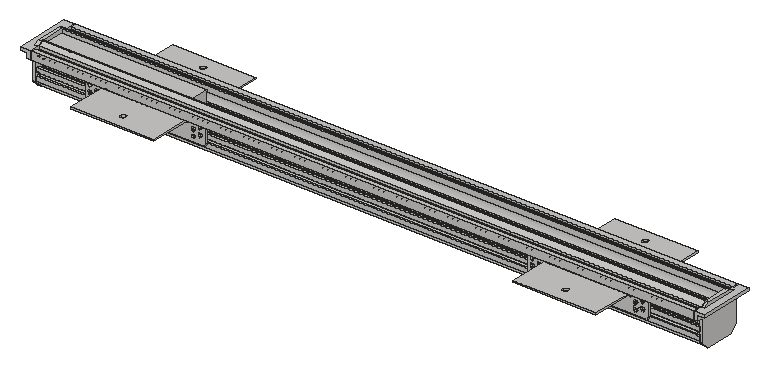
Revit family "Lighting - Luminii - Stenos - Trimless Deep Recessed Track Master Assembly", category Lighting Fixtures, host Face, Revit 2020
Family settings
  Host = Face
  Round Connector Dimension = Use Diameter
  Part Type = Normal
  OmniClass Number = 23.80.70.11.14.21
  OmniClass Title = Spots and Tracklight Specialties
  Cut with Voids When Loaded = No
  Light Source = No
  Shared = Yes
  Room Calculation Point = No
Parameters (values of type "Stenos Deep Trimless - 24"")
  Width = 1.98504"  # constant formula
  Wattage Comments = "96W Max on Track"  # constant formula
  Warranty URL = "https://www.luminii.com/terms-conditions/"
  Voltage Comments = "24 VDC"  # constant formula
  Voltage = 24 V  # constant formula
  Version = "2020 - v1.0a"  # constant formula
  URL = "https://www.luminii.com/"
  Support Phone = "224-699-9545"  # constant formula
  Support Email = "mailto:support@bimsmith.com"
  Right Power Module = no
  Right Cap [instance] = yes
  Product Page URL = "https://www.luminii.com/product/stenos-deep-recessed-trimless-track/"
  Power Source Type = "Driver"  # constant formula
  Power Factor = 1
  Phase = 1
  Orientation 2 [instance] = not(Orientation 1)  # no
  Orientation 1 [instance] = yes
  Number of Poles = if(and(or(Voltage = 120 V, Voltage = 277 V), Phase = 1), 1, if(and(or(Voltage = 208 V, Voltage = 240 V), Phase = 1), 2, if(and(or(Voltage = 208 V, Voltage = 240 V), Phase = 3), 3, if(and(Voltage > 300 V, Phase = 1), 2, if(and(Voltage > 400 V, Phase = 3), 3, 1)))))  # 1
  Model = "STD"  # constant formula
  Manufacturer Phone Number = "403-216-7043"  # constant formula
  Manufacturer Email = "mailto: info@sensolighting.com"
  Manufacturer Address = "302 50 Ave SE. Calgary, Alberta, T2G 2A9 Canada"  # constant formula
  Manufacturer = "Luminii"  # constant formula
  Load Classification = Lighting
  Length = if(Constraints = 1, 24.00", if(Constraints = 2, 48.00", if(Constraints = 3, 96.00", if(Constraints = 4, 144.00", 24.00"))))  # 24.00"
  Left Power Module [instance] = yes
  Left Cap [instance] = yes
  Lamp = "N/A"  # constant formula
  Keynote = "26 50 00"
  Hole Location Option = 1
  Hole Location Description [instance] = if(Orientation 1, (if(Hole Location Option = 1, "A", if(Hole Location Option = 2, "B", if(Hole Location Option = 3, "C", if(Hole Location Option = 4, "D", "Not Valid Configuration"))))), (if(Hole Location Option = 1, "E", if(Hole Location Option = 2, "F", if(Hole Location Option = 3, "G", if(Hole Location Option = 4, "H", "Not Valid Configuration"))))))  # "A"
  Frequency Comments = ""  # constant formula
  Frequency = 60 Hz
  Finish = Metal - Luminii - Silver Anodized Aluminum
  Environment = "Indoor"  # constant formula
  Drywall Thickness [instance] = if(Orientation 1, (if(Hole Location Option = 1, 3.00" / 8, if(Hole Location Option = 2, 1.00" / 2, if(Hole Location Option = 3, 5.00" / 8, 3.00" / 4)))), (if(Hole Location Option = 1, 3.00" / 4 + 0.1252", if(Hole Location Option = 2, 7.00" / 8 + 0.1252", if(Hole Location Option = 3, 1.00" + 0.1252", 1.1252" + 0.1252")))))  # 0.375"
  Description = "Recessed Micro Optic Track System"  # constant formula
  Depth = 1.44922"  # constant formula
  Default Elevation = 0.00"  # constant formula
  Current Amps = 50 A
  Copyright = "©2023 Luminii"  # constant formula
  Constraints = 1
  built-in parameter 1114216 [instance] = 0  # (empty or 0)
  built-in parameter 1140040 [instance] = 1 = 1  # 1
  C Right Cap Offset [instance] = if(Right Cap, 0.38", 0.00")  # 0.38"
  C Length Mid = Length / 2  # 12.00"
  C Left Cap Offset [instance] = if(Left Cap, 0.38", 0.00")  # 0.38"
  C End Cap Right [instance] = if(Right Cap, 1.00" / 8, 0.00")  # 0.125"
  C End Cap Left [instance] = if(Left Cap, 1.00" / 8, 0.00")  # 0.125"
  Assembly Comments [instance] = "Consult Manufacturer Website for more Information"  # constant formula
  Assembly Code = "D5020230"
  Apparent Load = 4 VA  # constant formula
Types (4): name | Length | Constraints | C Length Mid
  Stenos Deep Trimless - 24" | 24.00" | 1 | 12.00"
  Stenos Deep Trimless - 48" | 48.00" | 2 | 24.00"
  Stenos Deep Trimless - 96" | 96.00" | 3 | 48.00"
  Stenos Deep Trimless - 144" | 144.00" | 4 | 72.00"
Reference planes (in)
  plane 1 "Center (Front/Back)": y = 0
  plane 2: z = 0
  plane 3 "Center (Left/Right)": x = 0
  plane 4: x = -12
  plane 5: x = 12
  plane 6: y = 0.99252
  plane 7: y = -0.99252
  plane 8 "A": z = 0
  plane 9: x = -12.125
  plane 10: x = 12.125
  plane 11: z = 3.115
Forms (in)
  Extrusion 1, solid, material "Metal - Luminii - Silver Anodized Aluminum", not visible
    sketch origin (0, 0, 0) x (1, 0, 0) y (0, 1, 0)
      loop
        circle (0, 0) r 0.5
    from 0 to -0.17225
  Extrusion 2, void
    sketch origin (0, 0, 0) x (1, 0, 0) y (0, 1, 0)
      loop
        line (-12.38, 0.99252) -> (-12.38, -0.99252) -> (12.38, -0.99252) -> (12.38, 0.99252) -> (-12.38, 0.99252)
    from -1.352 to 0
Dimensions and locks (in)
  equal spacing: plane 4, plane 3 "Center (Left/Right)", plane 5
  equal spacing: plane 6, plane 1 "Center (Front/Back)", plane 7
  "Width": plane 6 to plane 7
  "C End Cap Right": plane 5 to plane 10
  "C End Cap Left": plane 9 to plane 4
  "C Length Mid": plane 4 to plane 3 "Center (Left/Right)"
  "C Length Mid": plane 3 "Center (Left/Right)" to plane 5
  "C Right Cap Offset": nested 1 to Extrusion 2 sketch curve
  "C Left Cap Offset": Extrusion 2 sketch curve to plane 4
  locked: host face to Extrusion 2 at 1.352
  aligned and locked: host face to plane 2
  aligned and locked: plane 3 "Center (Left/Right)" to Extrusion 1 sketch curve
  aligned and locked: plane 1 "Center (Front/Back)" to Extrusion 1 sketch curve
  aligned and locked: plane 2 to Extrusion 1  (x2)
  aligned and locked: nested 1 to plane 4
  aligned and locked: plane 1 "Center (Front/Back)" to nested 1
  aligned and locked: plane 4 to nested 2
  aligned and locked: plane 1 "Center (Front/Back)" to nested 2
  aligned and locked: plane 5 to nested 3
  aligned and locked: plane 1 "Center (Front/Back)" to nested 3
  aligned and locked: Extrusion 2 sketch curve to plane 6
  aligned and locked: plane 7 to Extrusion 2 sketch curve
  aligned and locked: level to Extrusion 2
Automatic sketch dimensions
  host sketch curve to host sketch curve = 193.24349"
  host sketch curve to host sketch curve = 99.00"
  radius of Extrusion 1 sketch curve = 0.50"
Nested families (in)
  nested 1: "Nested - Track" at (0, 0, 0), type "Nested - Track"
  nested 2: "Nested - Stopper" at (-9.35827, 0, 0), visible <- "Left Power Module", type "Nested - Stopper"
  nested 3: "Nested - Stopper" at (9.35827, 0, 0), visible <- "Right Power Module", type "Nested - Stopper"
Connectors (in)
  electrical at (0, 0, 0), driven by "Number of Poles", driven by "Load Classification", driven by "Voltage", driven by "Apparent Load", driven by "Power Factor"
    settings: on Extrusion 1, index 1, voltage 24 V, apparent load 4 VA, apparent load phase1 0 VA, apparent load phase2 0 VA, apparent load phase3 0 VA, power factor 1, load classification "Lighting", number of poles 1, system type 30, power factor state 1, is connector primary yes, connector utility no, sub classification motor no, connector description "Power Connection"
Definition of nested family "Nested - Track"
  Parameters (values of type "Nested - Track")
    Support Count = (roundup((Length - 8.00") / 18.00") + 1)  # 2
    Right Cap = yes
    Orientation 2 = not(Orientation 1)  # no
    Orientation 1 = yes
    Length = 24.00"
    Left Cap = yes
    Hole Location Option = 1
    Finish = none
    Drywall Thickness = if(Orientation 1, (if(Hole Location Option = 1, 3.00" / 8, if(Hole Location Option = 2, 1.00" / 2, if(Hole Location Option = 3, 5.00" / 8, 3.00" / 4)))), (if(Hole Location Option = 1, 3.00" / 4 + 0.125", if(Hole Location Option = 2, 7.00" / 8 + 0.125", if(Hole Location Option = 3, 1.00" + 0.125", 1.125" + 0.125")))))  # 0.375"
    Default Elevation = 48.00"
  Reference planes (in)
    plane 1 "Center (Front/Back)": y = 0
    plane 2: z = 0
    plane 3 "Center (Left/Right)": x = 0
    plane 4: x = -12
    plane 5: x = 12
    plane 6: x = 12.125
    plane 7: x = -12.125
    plane 8 "A": z = -0.375
    plane 9: x = -8
    plane 10: x = 8
  Forms (in)
    Extrusion 1, solid
      sketch origin (0, 0, 0) x (1, 0, 0) y (0, 1, 0)
        loop
          line (-48, 48) -> (-48, -48) -> (48, -48) -> (48, 48) -> (-48, 48)
      from 0 to -12
    Sweep 2, solid, material <- "Finish"
      path origin (0, 0, 0) x (1, 0, 0) y (0, 1, 0)
        loop
          line (-12, 0) -> (12, 0)
      profile origin (0, 0, 0) x (0, 1, 0) y (0, 0, 1)
        loop
          line (0.4275, 0.1) -> (0.4275, -0.11308)
          arc (0.4275, -0.11308) -> (0.40887, -0.24182) -> (0.3545, -0.36) r 0.4541
          line (0.3545, -0.36) -> (0.4195, -0.36) -> (0.4195, -0.46) -> (0.3545, -0.46)
          arc (0.3545, -0.46) -> (0.36445, -0.52636) -> (0.35644, -0.59297) r 0.2506
          arc (0.35644, -0.59297) -> (0.34304, -0.62502) -> (0.35375, -0.65805) r 0.05
          arc (0.35375, -0.65805) -> (0.36416, -0.68325) -> (0.35982, -0.71016) r 0.05
          line (0.35982, -0.71016) -> (0.3385, -0.75587) -> (0.3385, -0.828) -> (0.3935, -0.828) -> (0.3935, -0.938) -> (0.2575, -0.938) -> (0.2575, -0.98918) -> (0.33858, -0.98918) -> (0.33858, -1.06005) -> (-0.33858, -1.06005) -> (-0.33858, -0.98918) -> (-0.2575, -0.98918) -> (-0.2575, -0.938) -> (-0.3935, -0.938) -> (-0.3935, -0.828) -> (-0.3385, -0.828) -> (-0.3385, -0.75587) -> (-0.35982, -0.71016)
          arc (-0.35982, -0.71016) -> (-0.36416, -0.68325) -> (-0.35375, -0.65805) r 0.05
          arc (-0.35375, -0.65805) -> (-0.34304, -0.62502) -> (-0.35644, -0.59297) r 0.05
          arc (-0.35644, -0.59297) -> (-0.36445, -0.52636) -> (-0.3545, -0.46) r 0.2506
          line (-0.3545, -0.46) -> (-0.4195, -0.46) -> (-0.4195, -0.36) -> (-0.3545, -0.36)
          arc (-0.3545, -0.36) -> (-0.40887, -0.24182) -> (-0.4275, -0.11308) r 0.4541
          line (-0.4275, -0.11308) -> (-0.4275, 0.1) -> (-0.46235, 0.1) -> (-0.645, 0) -> (-0.645, -0.07) -> (-0.5375, -0.07) -> (-0.5375, -0.205) -> (-0.9225, -0.205) -> (-0.9225, -0.07) -> (-0.815, -0.07) -> (-0.815, 0) -> (-0.9925, 0) -> (-0.9925, -0.275) -> (-0.7433, -0.275)
          arc (-0.7433, -0.275) -> (-0.7094, -0.29041) -> (-0.69872, -0.32608) r 0.045
          arc (-0.69872, -0.32608) -> (-0.6992, -0.35992) -> (-0.69156, -0.39288) r 0.14
          line (-0.69156, -0.39288) -> (-0.63051, -0.37066)
          arc (-0.63051, -0.37066) -> (-0.50694, -0.29194) -> (-0.58566, -0.41551) r 0.07504
          line (-0.58566, -0.41551) -> (-0.60788, -0.47656)
          arc (-0.60788, -0.47656) -> (-0.5682, -0.48476) -> (-0.52784, -0.48126) r 0.14
          arc (-0.52784, -0.48126) -> (-0.48957, -0.48977) -> (-0.4725, -0.52505) r 0.045
          line (-0.4725, -0.52505) -> (-0.4725, -0.712) -> (-0.6725, -0.712) -> (-0.6725, -0.612) -> (-0.7425, -0.612) -> (-0.7425, -0.77975)
          arc (-0.7425, -0.77975) -> (-0.72782, -0.78945) -> (-0.71188, -0.782) r 0.018
          line (-0.71188, -0.782) -> (-0.5105, -0.792) -> (-0.5105, -0.897) -> (-0.71188, -0.907)
          arc (-0.71188, -0.907) -> (-0.72782, -0.89955) -> (-0.7425, -0.90925) r 0.018
          line (-0.7425, -0.90925) -> (-0.7425, -1.077) -> (-0.6725, -1.077) -> (-0.6725, -0.977) -> (-0.4725, -0.977) -> (-0.4725, -1.352) -> (-0.31126, -1.352) -> (-0.2925, -1.282) -> (-0.3925, -1.282) -> (-0.3925, -1.147) -> (0.3925, -1.147) -> (0.3925, -1.282) -> (0.2925, -1.282) -> (0.31126, -1.352) -> (0.4725, -1.352) -> (0.4725, -0.977) -> (0.6725, -0.977) -> (0.6725, -1.077) -> (0.7425, -1.077) -> (0.7425, -0.90925)
          arc (0.7425, -0.90925) -> (0.72782, -0.89955) -> (0.71188, -0.907) r 0.018
          line (0.71188, -0.907) -> (0.5105, -0.897) -> (0.5105, -0.792) -> (0.71188, -0.782)
          arc (0.71188, -0.782) -> (0.72782, -0.78945) -> (0.7425, -0.77975) r 0.018
          line (0.7425, -0.77975) -> (0.7425, -0.612) -> (0.6725, -0.612) -> (0.6725, -0.712) -> (0.4725, -0.712) -> (0.4725, -0.52505)
          arc (0.4725, -0.52505) -> (0.48957, -0.48977) -> (0.52784, -0.48126) r 0.045
          arc (0.52784, -0.48126) -> (0.5682, -0.48476) -> (0.60788, -0.47656) r 0.14
          line (0.60788, -0.47656) -> (0.58566, -0.41551)
          arc (0.58566, -0.41551) -> (0.50694, -0.29194) -> (0.63051, -0.37066) r 0.07504
          line (0.63051, -0.37066) -> (0.69156, -0.39288)
          arc (0.69156, -0.39288) -> (0.6992, -0.35992) -> (0.69872, -0.32608) r 0.14
          arc (0.69872, -0.32608) -> (0.7094, -0.29041) -> (0.7433, -0.275) r 0.045
          line (0.7433, -0.275) -> (0.9925, -0.275) -> (0.9925, 0) -> (0.815, 0) -> (0.815, -0.07) -> (0.9225, -0.07) -> (0.9225, -0.205) -> (0.5375, -0.205) -> (0.5375, -0.07) -> (0.645, -0.07) -> (0.645, 0) -> (0.46235, 0.1) -> (0.4275, 0.1)
    Sweep 3, solid, material <- "Finish", visible <- "Right Cap"
      path origin (28, 0, 0) x (1, 0, 0) y (0, 1, 0)
        loop
          line (-16, 0) -> (-15.875, 0)
      profile origin (12.0625, 0, 0) x (0, 1, 0) y (0, 0, 1)
        loop
          line (0.46235, 0.1) -> (-0.46235, 0.1) -> (-0.645, 0) -> (-0.9925, 0) -> (-0.9925, -0.275) -> (-0.80776, -0.275)
          arc (-0.80776, -0.275) -> (-0.76161, -0.29411) -> (-0.7425, -0.34026) r 0.06526
          line (-0.7425, -0.34026) -> (-0.7425, -1.122) -> (-0.5125, -1.352) -> (0.5125, -1.352) -> (0.7425, -1.122) -> (0.7425, -0.34026)
          arc (0.7425, -0.34026) -> (0.76161, -0.29411) -> (0.80776, -0.275) r 0.06526
          line (0.80776, -0.275) -> (0.9925, -0.275) -> (0.9925, 0) -> (0.645, 0) -> (0.46235, 0.1)
    Extrusion 4, solid, material <- "Finish", visible <- "Right Cap"
      sketch origin (0, 0, 0) x (1, 0, 0) y (0, 1, 0)
        loop
          line (12.375, 0.9925) -> (12.125, 0.9925) -> (12.125, -0.9925) -> (12.375, -0.9925) -> (12.375, 0.9925)
      from 0 to -0.1
    Sweep 5, solid, material <- "Finish", visible <- "Left Cap"
      path origin (-28, 0, 0) x (-1, 0, 0) y (0, 1, 0)
        loop
          line (-16, 0) -> (-15.875, 0)
      profile origin (-12.0625, 0, 0) x (0, -1, 0) y (0, 0, 1)
        loop
          line (-0.46235, 0.1) -> (-0.645, 0) -> (-0.9925, 0) -> (-0.9925, -0.275) -> (-0.80776, -0.275)
          arc (-0.80776, -0.275) -> (-0.76161, -0.29411) -> (-0.7425, -0.34026) r 0.06526
          line (-0.7425, -0.34026) -> (-0.7425, -1.122) -> (-0.5125, -1.352) -> (0.5125, -1.352) -> (0.7425, -1.122) -> (0.7425, -0.34026)
          arc (0.7425, -0.34026) -> (0.76161, -0.29411) -> (0.80776, -0.275) r 0.06526
          line (0.80776, -0.275) -> (0.9925, -0.275) -> (0.9925, 0) -> (0.645, 0) -> (0.46235, 0.1) -> (-0.46235, 0.1)
    Extrusion 6, solid, material <- "Finish", visible <- "Left Cap"
      sketch origin (0, 0, 0) x (-1, 0, 0) y (0, -1, 0)
        loop
          line (12.375, -0.9925) -> (12.375, 0.9925) -> (12.125, 0.9925) -> (12.125, -0.9925) -> (12.375, -0.9925)
      from 0 to -0.1
  Cuts and joins
    joined: Sweep 3, Extrusion 4
    joined: Sweep 5, Extrusion 6
  Dimensions and locks (in)
    equal spacing: plane 4, plane 3 "Center (Left/Right)", plane 5
    "Length": plane 4 to plane 5
    locked: plane 7 to plane 4 at 0.125
    locked: plane 5 to plane 6 at 0.125
    locked: plane 6 to cut or joined group of Sweep 3, Extrusion 4 at 0.25
    locked: Extrusion 6 to plane 7 at 0.25
    "Drywall Thickness": plane 2 to plane 8 "A"
    locked: plane 10 to plane 5 at 4
    locked: plane 4 to plane 9 at 4
    group 1 to group 2 = 16.00"
    group 1 to group 2 = 0.00"  (x2)
    aligned and locked: plane 2 to Extrusion 1
    aligned and locked: level to Extrusion 1
    aligned and locked: plane 4 to Sweep 2 sketch curve
    aligned and locked: plane 1 "Center (Front/Back)" to Sweep 2 sketch curve
    aligned and locked: plane 5 to Sweep 2 sketch curve
    aligned and locked: plane 1 "Center (Front/Back)" to Sweep 3 sketch curve
    aligned and locked: plane 6 to Sweep 3 sketch curve
    aligned and locked: plane 5 to Sweep 3 sketch curve
    aligned and locked: plane 7 to Sweep 5 sketch curve
    aligned and locked: plane 4 to Sweep 5 sketch curve
    aligned and locked: Sweep 5 sketch curve to plane 1 "Center (Front/Back)"
    aligned and locked: Extrusion 6 to plane 7
    aligned and locked: cut or joined group of Sweep 3, Extrusion 4 to plane 6
    aligned and locked: plane 1 "Center (Front/Back)" to nested 1
    aligned and locked: plane 9 to nested 1
    aligned and locked: plane 1 "Center (Front/Back)" to nested 2
    aligned and locked: plane 10 to nested 2
  Automatic sketch dimensions
    Extrusion 1 sketch curve to Extrusion 1 sketch curve = 96.00"  (x2)
    Extrusion 4 sketch curve to plane 6 = 0.00"
    plane 6 to Extrusion 4 sketch curve = 0.25"
    plane 1 "Center (Front/Back)" to Extrusion 4 sketch curve = 0.9925"
    Extrusion 4 sketch curve to plane 1 "Center (Front/Back)" = 0.9925"
    Extrusion 6 sketch curve to plane 7 = 0.00"
    Extrusion 6 sketch curve to plane 7 = 0.25"
    Extrusion 6 sketch curve to plane 1 "Center (Front/Back)" = 0.9925"
    plane 1 "Center (Front/Back)" to Extrusion 6 sketch curve = 0.9925"
    Sweep 2 sketch curve to Sweep 2 sketch curve = 0.00"  (x11)
    Sweep 2 sketch curve to level = 0.00"  (x4)
    profile plane to Sweep 2 sketch curve = 0.9925"
    Sweep 2 sketch curve to Sweep 2 sketch curve = 0.07"  (x9)
    Sweep 2 sketch curve to Sweep 2 sketch curve = 0.1075"  (x4)
    Sweep 2 sketch curve to Sweep 2 sketch curve = 0.1792"
    profile plane to Sweep 2 sketch curve = 0.7425"
    Sweep 2 sketch curve to Sweep 2 sketch curve = 0.0008"
    Sweep 2 sketch curve to Sweep 2 sketch curve = 0.016"  (x3)
    Sweep 2 sketch curve to Sweep 2 sketch curve = 0.01462"  (x4)
    Sweep 2 sketch curve to Sweep 2 sketch curve = 0.05175"  (x2)
    Sweep 2 sketch curve to Sweep 2 sketch curve = 0.03938"  (x3)
    Sweep 2 sketch curve to Sweep 2 sketch curve = 0.17"  (x2)
    Sweep 2 sketch curve to Sweep 2 sketch curve = 0.06105"  (x3)
    Sweep 2 sketch curve to Sweep 2 sketch curve = 0.02263"  (x2)
    Sweep 2 sketch curve to Sweep 2 sketch curve = 0.04485"  (x3)
    Sweep 2 sketch curve to Sweep 2 sketch curve = 0.02566"  (x2)
    Sweep 2 sketch curve to Sweep 2 sketch curve = 0.09038"
    Sweep 2 sketch curve to Sweep 2 sketch curve = 0.162"  (x2)
    Sweep 2 sketch curve to Sweep 2 sketch curve = 0.038"  (x2)
    Sweep 2 sketch curve to Sweep 2 sketch curve = 0.045"  (x3)
    level to Sweep 2 sketch curve = 0.10"  (x2)
    Sweep 2 sketch curve to Sweep 2 sketch curve = 0.07515"
    Sweep 2 sketch curve to Sweep 2 sketch curve = 0.03485"  (x2)
    Sweep 2 sketch curve to Sweep 2 sketch curve = 0.053"  (x2)
    Sweep 2 sketch curve to Sweep 2 sketch curve = 0.079"  (x2)
    Sweep 2 sketch curve to Sweep 2 sketch curve = 0.0795"
    Sweep 2 sketch curve to Sweep 2 sketch curve = 0.08"  (x3)
    Sweep 2 sketch curve to Sweep 2 sketch curve = 0.03318"  (x2)
    Sweep 2 sketch curve to Sweep 2 sketch curve = 0.065"  (x3)
    Sweep 2 sketch curve to Sweep 2 sketch curve = 0.05392"
    Sweep 2 sketch curve to Sweep 2 sketch curve = 0.055"  (x2)
    Sweep 2 sketch curve to Sweep 2 sketch curve = 0.04532"  (x2)
    Sweep 2 sketch curve to Sweep 2 sketch curve = 0.08124"
    Sweep 2 sketch curve to Sweep 2 sketch curve = 0.01876"  (x2)
    Sweep 2 sketch curve to Sweep 2 sketch curve = 0.08108"  (x2)
    profile plane to Sweep 2 sketch curve = 0.11387"
    profile plane to Sweep 2 sketch curve = 0.0266"
    Sweep 2 sketch curve to profile plane = 0.0266"
    Sweep 2 sketch curve to profile plane = 0.11387"
    Sweep 2 sketch curve to profile plane = 0.2575"
    Sweep 2 sketch curve to profile plane = 0.2925"
    Sweep 2 sketch curve to Sweep 2 sketch curve = 0.057"
    Sweep 2 sketch curve to Sweep 2 sketch curve = 0.024"
    Sweep 2 sketch curve to Sweep 2 sketch curve = 0.24063"
    Sweep 2 sketch curve to Sweep 2 sketch curve = 0.10"  (x5)
    Sweep 2 sketch curve to level = 0.11308"
    Sweep 2 sketch curve to Sweep 2 sketch curve = 0.008"
    Sweep 2 sketch curve to Sweep 2 sketch curve = 0.11"  (x3)
    Sweep 2 sketch curve to Sweep 2 sketch curve = 0.1405"
    Sweep 2 sketch curve to Sweep 2 sketch curve = 0.02222"
    Sweep 2 sketch curve to Sweep 2 sketch curve = 0.20"
    Sweep 2 sketch curve to level = 0.39288"
    Sweep 2 sketch curve to Sweep 2 sketch curve = 0.10589"
    Sweep 2 sketch curve to level = 0.07"  (x4)
    Sweep 2 sketch curve to Sweep 2 sketch curve = 0.04449"
    Sweep 2 sketch curve to Sweep 2 sketch curve = 0.08367"
    Sweep 2 sketch curve to Sweep 2 sketch curve = 0.0485"
    Sweep 2 sketch curve to Sweep 2 sketch curve = 0.06505"
    Sweep 2 sketch curve to Sweep 2 sketch curve = 0.07001"
    Sweep 2 sketch curve to Sweep 2 sketch curve = 0.13544"  (x2)
    Sweep 2 sketch curve to Sweep 2 sketch curve = 0.10203"  (x2)
    Sweep 2 sketch curve to Sweep 2 sketch curve = 0.06195"  (x2)
    Sweep 2 sketch curve to Sweep 2 sketch curve = 0.02113"  (x2)
    Sweep 2 sketch curve to Sweep 2 sketch curve = 0.00184"  (x2)
    Sweep 2 sketch curve to Sweep 2 sketch curve = 0.04571"  (x2)
    Sweep 2 sketch curve to Sweep 2 sketch curve = 0.0595"  (x2)
    Sweep 2 sketch curve to Sweep 2 sketch curve = 0.00825"  (x2)
    Sweep 2 sketch curve to Sweep 2 sketch curve = 0.07213"  (x2)
    Sweep 2 sketch curve to Sweep 2 sketch curve = 0.105"  (x2)
    Sweep 2 sketch curve to Sweep 2 sketch curve = 0.125"  (x2)
    Sweep 2 sketch curve to Sweep 2 sketch curve = 0.00225"  (x2)
    Sweep 2 sketch curve to Sweep 2 sketch curve = 0.05118"  (x2)
    Sweep 2 sketch curve to Sweep 2 sketch curve = 0.07087"  (x2)
    Sweep 2 sketch curve to Sweep 2 sketch curve = 0.135"  (x2)
    Sweep 2 sketch curve to Sweep 2 sketch curve = 0.07051"
    Sweep 2 sketch curve to Sweep 2 sketch curve = 0.07288"  (x2)
    Sweep 2 sketch curve to Sweep 2 sketch curve = 0.205"
    Sweep 2 sketch curve to Sweep 2 sketch curve = 0.14"
    Sweep 2 sketch curve to Sweep 2 sketch curve = 0.03656"
    Sweep 2 sketch curve to level = 0.37066"
    Sweep 2 sketch curve to Sweep 2 sketch curve = 0.15782"
    Sweep 5 sketch curve to level = 0.00"  (x2)
    Sweep 5 sketch curve to level = 0.275"
    profile plane to Sweep 5 sketch curve = 0.9925"
    Sweep 5 sketch curve to Sweep 5 sketch curve = 0.18474"  (x2)
    profile plane to Sweep 5 sketch curve = 0.7425"
    Sweep 5 sketch curve to Sweep 5 sketch curve = 0.16276"
    Sweep 5 sketch curve to Sweep 5 sketch curve = 0.23"  (x3)
    level to Sweep 5 sketch curve = 0.10"
    Sweep 5 sketch curve to Sweep 5 sketch curve = 0.18265"  (x2)
    Sweep 5 sketch curve to profile plane = 0.5125"
    Sweep 5 sketch curve to profile plane = 0.645"
    Sweep 5 sketch curve to Sweep 5 sketch curve = 0.06526"
    Sweep 5 sketch curve to level = 0.34026"
    Sweep 5 sketch curve to Sweep 5 sketch curve = 0.78174"  (x2)
    Sweep 3 sketch curve to level = 0.00"  (x2)
    Sweep 3 sketch curve to level = 0.275"
    profile plane to Sweep 3 sketch curve = 0.9925"
    Sweep 3 sketch curve to Sweep 3 sketch curve = 0.18474"  (x2)
    profile plane to Sweep 3 sketch curve = 0.7425"
    Sweep 3 sketch curve to Sweep 3 sketch curve = 0.16276"
    Sweep 3 sketch curve to Sweep 3 sketch curve = 0.23"  (x2)
    level to Sweep 3 sketch curve = 0.10"
    Sweep 3 sketch curve to Sweep 3 sketch curve = 0.18265"  (x2)
    Sweep 3 sketch curve to profile plane = 0.46235"
    Sweep 3 sketch curve to profile plane = 0.5125"
    Sweep 3 sketch curve to Sweep 3 sketch curve = 0.0975"
    Sweep 3 sketch curve to Sweep 3 sketch curve = 0.06526"
    Sweep 3 sketch curve to level = 1.122"
    Sweep 3 sketch curve to Sweep 3 sketch curve = 0.78174"
    Sweep 3 sketch curve to level = 0.34026"
  Nested families (in)
    nested 1: "Nested - Support" at (-8, 0, -0.375), type "Default"
      with Orientation 2 yes, Orientation 1 no
    nested 2: "Nested - Support" at (8, 0, -0.375), type "Default"
      with Orientation 2 yes, Orientation 1 no
  Definition of nested family "Nested - Support"
    Parameters (values of type "Family3")
      Orientation 2 = no
      Orientation 1 = not(Orientation 2)  # yes
      Material = none
      Default Elevation = 48.00"
    Reference planes (in)
      plane 1 "Center (Front/Back)": y = 0
      plane 2: z = 0
      plane 3 "Center (Left/Right)": x = 0
    Forms (in)
      Extrusion 1, solid
        sketch origin (0, 0, 0) x (1, 0, 0) y (0, 1, 0)
          loop
            line (-48, 48) -> (-48, -48) -> (48, -48) -> (48, 48) -> (-48, 48)
        from 0 to -12
      Extrusion 2, solid, material <- "Material", visible <- "Orientation 2"
        sketch origin (0, 0, -0.04724) x (1, 0, 0) y (0, 0, 1)
          loop
            line (-1.56, -0.04724) -> (-1.56, 0.03474)
            arc (-1.56, 0.03474) -> (-1.58929, 0.10545) -> (-1.66, 0.13474) r 0.1
            line (-1.66, 0.13474) -> (-2.085, 0.13474)
            arc (-2.085, 0.13474) -> (-2.15571, 0.10545) -> (-2.185, 0.03474) r 0.1
            line (-2.185, 0.03474) -> (-2.185, -0.50276)
            arc (-2.185, -0.50276) -> (-2.15571, -0.57347) -> (-2.085, -0.60276) r 0.1
            line (-2.085, -0.60276) -> (-1.5, -0.60276) -> (-1.5, -0.04724) -> (-1.56, -0.04724)
          loop
            line (1.56, -0.04724) -> (1.5, -0.04724) -> (1.5, -0.60276) -> (2.085, -0.60276)
            arc (2.085, -0.60276) -> (2.15571, -0.57347) -> (2.185, -0.50276) r 0.1
            line (2.185, -0.50276) -> (2.185, 0.03474)
            arc (2.185, 0.03474) -> (2.15571, 0.10545) -> (2.085, 0.13474) r 0.1
            line (2.085, 0.13474) -> (1.66, 0.13474)
            arc (1.66, 0.13474) -> (1.58929, 0.10545) -> (1.56, 0.03474) r 0.1
            line (1.56, 0.03474) -> (1.56, -0.04724)
          loop
            circle (-1.99748, -0.04656) r 0.07961
          loop
            circle (-1.99748, -0.29656) r 0.07961
          loop
            circle (-1.74741, -0.17145) r 0.07961
          loop
            circle (-1.74741, -0.42145) r 0.07961
          loop
            circle (1.99748, -0.04656) r 0.07961
          loop
            circle (1.99748, -0.29656) r 0.07961
          loop
            circle (1.74741, -0.17145) r 0.07961
          loop
            circle (1.74741, -0.42145) r 0.07961
        from 0.7425 to 0.78974
      Extrusion 3, solid, material <- "Material", visible <- "Orientation 2"
        sketch origin (0, 0, -0.04724) x (0, 1, 0) y (0, 0, 1)
          loop
            line (-2.295, 0.04724) -> (-2.295, 0) -> (-0.83699, 0)
            arc (-0.83699, 0) -> (-0.80358, -0.01384) -> (-0.78974, -0.04724) r 0.04724
            line (-0.78974, -0.04724) -> (-0.78974, -0.60276) -> (-0.7425, -0.60276) -> (-0.7425, -0.04724)
            arc (-0.7425, -0.04724) -> (-0.77017, 0.01957) -> (-0.83699, 0.04724) r 0.09449
            line (-0.83699, 0.04724) -> (-2.295, 0.04724)
        from -1.5 to 1.5
      Extrusion 4, void
        sketch origin (0, 0, 0) x (1, 0, 0) y (0, 1, 0)
          loop
            circle (0, 1.79502) r 0.10061
          loop
            circle (0, -1.79502) r 0.10061
        from -2.13279 to 2.10119
      Extrusion 5, solid, material <- "Material", visible <- "Orientation 2"
        sketch origin (0, 0, -0.04724) x (1, 0, 0) y (0, 0, -1)
          loop
            line (-1.56, 0.04724) -> (-1.5, 0.04724) -> (-1.5, 0.60276) -> (-2.085, 0.60276)
            arc (-2.085, 0.60276) -> (-2.15571, 0.57347) -> (-2.185, 0.50276) r 0.1
            line (-2.185, 0.50276) -> (-2.185, -0.03474)
            arc (-2.185, -0.03474) -> (-2.15571, -0.10545) -> (-2.085, -0.13474) r 0.1
            line (-2.085, -0.13474) -> (-1.66, -0.13474)
            arc (-1.66, -0.13474) -> (-1.58929, -0.10545) -> (-1.56, -0.03474) r 0.1
            line (-1.56, -0.03474) -> (-1.56, 0.04724)
          loop
            line (1.56, 0.04724) -> (1.56, -0.03474)
            arc (1.56, -0.03474) -> (1.58929, -0.10545) -> (1.66, -0.13474) r 0.1
            line (1.66, -0.13474) -> (2.085, -0.13474)
            arc (2.085, -0.13474) -> (2.15571, -0.10545) -> (2.185, -0.03474) r 0.1
            line (2.185, -0.03474) -> (2.185, 0.50276)
            arc (2.185, 0.50276) -> (2.15571, 0.57347) -> (2.085, 0.60276) r 0.1
            line (2.085, 0.60276) -> (1.5, 0.60276) -> (1.5, 0.04724) -> (1.56, 0.04724)
          loop
            circle (-1.99748, 0.04656) r 0.07961
          loop
            circle (-1.99748, 0.29656) r 0.07961
          loop
            circle (-1.74741, 0.17145) r 0.07961
          loop
            circle (-1.74741, 0.42145) r 0.07961
          loop
            circle (1.99748, 0.04656) r 0.07961
          loop
            circle (1.99748, 0.29656) r 0.07961
          loop
            circle (1.74741, 0.17145) r 0.07961
          loop
            circle (1.74741, 0.42145) r 0.07961
        from 0.7425 to 0.78974
      Extrusion 6, solid, material <- "Material", visible <- "Orientation 2"
        sketch origin (0, 0, -0.04724) x (0, -1, 0) y (0, 0, -1)
          loop
            line (-2.295, -0.04724) -> (-0.83699, -0.04724)
            arc (-0.83699, -0.04724) -> (-0.77017, -0.01957) -> (-0.7425, 0.04724) r 0.09449
            line (-0.7425, 0.04724) -> (-0.7425, 0.60276) -> (-0.78974, 0.60276) -> (-0.78974, 0.04724)
            arc (-0.78974, 0.04724) -> (-0.80358, 0.01384) -> (-0.83699, 0) r 0.04724
            line (-0.83699, 0) -> (-2.295, 0) -> (-2.295, -0.04724)
        from -1.5 to 1.5
      Extrusion 7, solid, material <- "Material", visible <- "Orientation 1"
        sketch origin (0, 0, 0) x (1, 0, 0) y (0, 0, 1)
          loop
            line (-1.56, 0.04724) -> (-1.5, 0.04724) -> (-1.5, 0.60276) -> (-2.085, 0.60276)
            arc (-2.085, 0.60276) -> (-2.15571, 0.57347) -> (-2.185, 0.50276) r 0.1
            line (-2.185, 0.50276) -> (-2.185, -0.03474)
            arc (-2.185, -0.03474) -> (-2.15571, -0.10545) -> (-2.085, -0.13474) r 0.1
            line (-2.085, -0.13474) -> (-1.66, -0.13474)
            arc (-1.66, -0.13474) -> (-1.58929, -0.10545) -> (-1.56, -0.03474) r 0.1
            line (-1.56, -0.03474) -> (-1.56, 0.04724)
          loop
            line (1.56, 0.04724) -> (1.56, -0.03474)
            arc (1.56, -0.03474) -> (1.58929, -0.10545) -> (1.66, -0.13474) r 0.1
            line (1.66, -0.13474) -> (2.085, -0.13474)
            arc (2.085, -0.13474) -> (2.15571, -0.10545) -> (2.185, -0.03474) r 0.1
            line (2.185, -0.03474) -> (2.185, 0.50276)
            arc (2.185, 0.50276) -> (2.15571, 0.57347) -> (2.085, 0.60276) r 0.1
            line (2.085, 0.60276) -> (1.5, 0.60276) -> (1.5, 0.04724) -> (1.56, 0.04724)
          loop
            circle (-1.99748, 0.04656) r 0.07961
          loop
            circle (-1.99748, 0.29656) r 0.07961
          loop
            circle (-1.74741, 0.17145) r 0.07961
          loop
            circle (-1.74741, 0.42145) r 0.07961
          loop
            circle (1.99748, 0.04656) r 0.07961
          loop
            circle (1.99748, 0.29656) r 0.07961
          loop
            circle (1.74741, 0.17145) r 0.07961
          loop
            circle (1.74741, 0.42145) r 0.07961
        from 0.7425 to 0.78974
      Extrusion 8, solid, material <- "Material", visible <- "Orientation 1"
        sketch origin (0, 0, 0) x (0, 1, 0) y (0, 0, 1)
          loop
            line (-2.295, -0.04724) -> (-0.83699, -0.04724)
            arc (-0.83699, -0.04724) -> (-0.77017, -0.01957) -> (-0.7425, 0.04724) r 0.09449
            line (-0.7425, 0.04724) -> (-0.7425, 0.60276) -> (-0.78974, 0.60276) -> (-0.78974, 0.04724)
            arc (-0.78974, 0.04724) -> (-0.80358, 0.01384) -> (-0.83699, 0) r 0.04724
            line (-0.83699, 0) -> (-2.295, 0) -> (-2.295, -0.04724)
        from -1.5 to 1.5
      Extrusion 9, solid, material <- "Material", visible <- "Orientation 1"
        sketch origin (0, 0, 0) x (1, 0, 0) y (0, 0, -1)
          loop
            line (-1.56, -0.04724) -> (-1.56, 0.03474)
            arc (-1.56, 0.03474) -> (-1.58929, 0.10545) -> (-1.66, 0.13474) r 0.1
            line (-1.66, 0.13474) -> (-2.085, 0.13474)
            arc (-2.085, 0.13474) -> (-2.15571, 0.10545) -> (-2.185, 0.03474) r 0.1
            line (-2.185, 0.03474) -> (-2.185, -0.50276)
            arc (-2.185, -0.50276) -> (-2.15571, -0.57347) -> (-2.085, -0.60276) r 0.1
            line (-2.085, -0.60276) -> (-1.5, -0.60276) -> (-1.5, -0.04724) -> (-1.56, -0.04724)
          loop
            line (1.56, -0.04724) -> (1.5, -0.04724) -> (1.5, -0.60276) -> (2.085, -0.60276)
            arc (2.085, -0.60276) -> (2.15571, -0.57347) -> (2.185, -0.50276) r 0.1
            line (2.185, -0.50276) -> (2.185, 0.03474)
            arc (2.185, 0.03474) -> (2.15571, 0.10545) -> (2.085, 0.13474) r 0.1
            line (2.085, 0.13474) -> (1.66, 0.13474)
            arc (1.66, 0.13474) -> (1.58929, 0.10545) -> (1.56, 0.03474) r 0.1
            line (1.56, 0.03474) -> (1.56, -0.04724)
          loop
            circle (-1.99748, -0.04656) r 0.07961
          loop
            circle (-1.99748, -0.29656) r 0.07961
          loop
            circle (-1.74741, -0.17145) r 0.07961
          loop
            circle (-1.74741, -0.42145) r 0.07961
          loop
            circle (1.99748, -0.04656) r 0.07961
          loop
            circle (1.99748, -0.29656) r 0.07961
          loop
            circle (1.74741, -0.17145) r 0.07961
          loop
            circle (1.74741, -0.42145) r 0.07961
        from 0.7425 to 0.78974
      Extrusion 10, solid, material <- "Material", visible <- "Orientation 1"
        sketch origin (0, 0, 0) x (0, -1, 0) y (0, 0, -1)
          loop
            line (-2.295, 0.04724) -> (-2.295, 0) -> (-0.83699, 0)
            arc (-0.83699, 0) -> (-0.80358, -0.01384) -> (-0.78974, -0.04724) r 0.04724
            line (-0.78974, -0.04724) -> (-0.78974, -0.60276) -> (-0.7425, -0.60276) -> (-0.7425, -0.04724)
            arc (-0.7425, -0.04724) -> (-0.77017, 0.01957) -> (-0.83699, 0.04724) r 0.09449
            line (-0.83699, 0.04724) -> (-2.295, 0.04724)
        from -1.5 to 1.5
    Cuts and joins
      Extrusion 4 cuts Extrusion 3
      joined: Extrusion 2, Extrusion 3
      Extrusion 4 cuts Extrusion 6
      joined: Extrusion 5, Extrusion 6
      Extrusion 4 cuts Extrusion 10
      joined: Extrusion 9, Extrusion 10
      Extrusion 4 cuts Extrusion 8
      joined: Extrusion 7, Extrusion 8
    Dimensions and locks (in)
      aligned and locked: plane 2 to Extrusion 1
      aligned and locked: level to Extrusion 1
Definition of nested family "Nested - Stopper"
  Parameters (values of type "Nested - Stopper")
    Length = 5.28346"
    Finish = none
    Default Elevation = 48.00"
  Reference planes (in)
    plane 1 "Center (Front/Back)": y = 0
    plane 2: z = 0
    plane 3 "Center (Left/Right)": x = 0
    plane 4: x = -2.64173
    plane 5: x = 2.64173
  Forms (in)
    Extrusion 1, solid
      sketch origin (0, 0, 0) x (1, 0, 0) y (0, 1, 0)
        loop
          line (-48, 48) -> (-48, -48) -> (48, -48) -> (48, 48) -> (-48, 48)
      from 0 to -12
    Sweep 2, solid, material <- "Finish"
      path origin (0, 0, 0) x (1, 0, 0) y (0, 1, 0)
        loop
          line (-2.64173, 0) -> (2.64173, 0)
      profile origin (0, 0, 0) x (0, 1, 0) y (0, 0, 1)
        loop
          line (0.35827, -0.00355) -> (-0.35827, -0.00355) -> (-0.35827, -0.04292) -> (-0.33522, -0.06597) -> (-0.3248, -0.663) -> (0.3248, -0.663) -> (0.33522, -0.06597) -> (0.35827, -0.04292) -> (0.35827, -0.00355)
  Dimensions and locks (in)
    equal spacing: plane 4, plane 3 "Center (Left/Right)", plane 5
    "Length": plane 4 to plane 5
    aligned and locked: plane 2 to Extrusion 1
    aligned and locked: level to Extrusion 1
    aligned and locked: plane 5 to Sweep 2 sketch curve
    aligned and locked: plane 4 to Sweep 2 sketch curve
    aligned and locked: plane 1 "Center (Front/Back)" to Sweep 2 sketch curve
  Automatic sketch dimensions
    Extrusion 1 sketch curve to Extrusion 1 sketch curve = 96.00"  (x2)
    Sweep 2 sketch curve to level = 0.00355"
    profile plane to Sweep 2 sketch curve = 0.35827"
    Sweep 2 sketch curve to level = 0.06597"  (x2)
    Sweep 2 sketch curve to Sweep 2 sketch curve = 0.02305"  (x3)
    profile plane to Sweep 2 sketch curve = 0.3248"
    Sweep 2 sketch curve to profile plane = 0.3248"
    Sweep 2 sketch curve to profile plane = 0.33522"
    Sweep 2 sketch curve to level = 0.04292"
    Sweep 2 sketch curve to Sweep 2 sketch curve = 0.59703"
